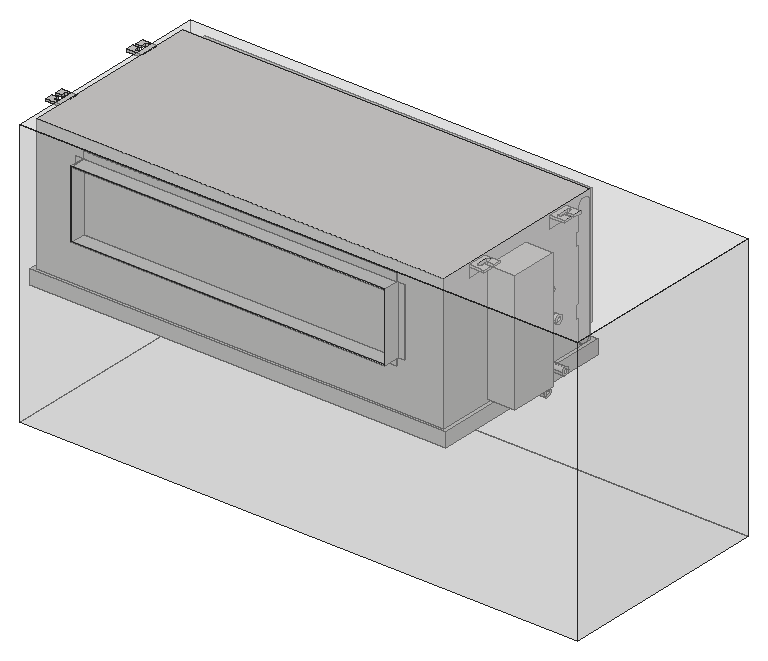
Revit family "outputfile", category 機械設備, Revit 2024
Family settings
  丸型コネクタ寸法 = 半径を使用
  パーツ タイプ = 標準
  OmniClass 番号 = 23.75.10.24.21.27.27
  OmniClass タイトル = Split System Air Conditioning Units
  作業面ベース = いいえ
  常に垂直 = はい
  ロード時にボイドで切り取り = いいえ
  注釈の向きを維持 = いいえ
  共有 = いいえ
  部屋計算ポイント = はい
Parameters (values of type "FDMRN100AXVL")
  Description = ""
  書き出し IFC クラス(タイプ) = "IfcUnitaryEquipmentType"
  定義済み IFC タイプ(タイプ) = "AIRCONDITIONINGUNIT"
  Cost = 0
  Type Comments = ""
  Keynote = ""
  Type Image = (empty or 0)
  Assembly Code = ""
  switch_unit1_50/60 = no
  switch_frequency = yes
  lw_mountinghole = 19.5 mm  # constant formula
  lw_Supply Duct = if(or(Width = 1115 mm, Width = 999 mm), 0 mm, 20.5 mm)  # 0 mm
  lh_controlbox = if(or(Width = 1115 mm, Width = 999 mm), 44.5 mm, 39 mm)  # 44.5 mm
  lh_Supply Duct = if(or(Width = 1115 mm, Width = 999 mm), 242.5 mm, 136.5 mm)  # 242.5 mm
  lh_Return Duct = if(or(Width = 1115 mm, Width = 999 mm), 202.5 mm, 136.5 mm)  # 202.5 mm
  ld_mountinghole = if(or(Width = 1115 mm, Width = 999 mm), 128.5 mm, 112.5 mm)  # 128.5 mm
  ld_controlbox = if(or(Width = 1115 mm, Width = 999 mm), 176 mm, 93 mm)  # 176 mm
  l_powersupply = h_controlbox / 2  # 152 mm
  l_liquidpipe = if(or(Width = 1115 mm, Width = 999 mm), 22 mm, 122 mm)  # 22 mm
  l_gaspipe = if(or(Width = 1115 mm, Width = 999 mm), 39 mm, 52 mm)  # 39 mm
  l_drainpipe = if(or(Width = 1115 mm, Width = 999 mm), 39 mm, 85 mm)  # 39 mm
  w_controlbox = if(or(Width = 1115 mm, Width = 999 mm), 71 mm, 72 mm)  # 71 mm
  l_Supply Duct = if(or(Width = 1115 mm, Width = 999 mm), 39 mm, 30 mm)  # 39 mm
  l_Return Duct = if(or(Width = 1115 mm, Width = 999 mm), 40 mm, 30 mm)  # 40 mm
  h_controlbox = if(or(Width = 1115 mm, Width = 999 mm), 304 mm, 185 mm)  # 304 mm
  d2 = if(or(Width = 1115 mm, Width = 999 mm), 240.5 mm, 175.5 mm)  # 240.5 mm
  connector_voltage = 230 V
  connector_powerinput = [Power Input (Cooling)]  # 4.000 kW
  connector_phase = 1
  d_controlbox = if(or(Width = 1115 mm, Width = 999 mm), 119.5 mm, 168 mm)  # 119.5 mm
  W2 = if(Width = 1115 mm, 1055 mm, if(Width = 999 mm, 939 mm, if(Width = 1200 mm, 1200 mm, 1065 mm)))  # 1055 mm
  W1 = if(Width = 1115 mm, 516.5 mm, if(Width = 999 mm, 458.5 mm, if(Width = 1200 mm, 589 mm, 521.5 mm)))  # 516.5 mm
  W = if(Width = 1115 mm, 527.5 mm, if(Width = 999 mm, 469.5 mm, if(Width = 1200 mm, 600 mm, 532.5 mm)))  # 527.5 mm
  Voltage_comment_60Hz = "220"
  Voltage_60Hz = 220 V
  URL = ""
  Supply Air Direction [instance] = yes
  製造元 = "Daikin"
  モデル = "FDMRN100AXVL"
  r_Liquid Pipe Size = Liquid Pipe Size / 2  # 4.75 mm
  r_Gas Pipe Size = Gas Pipe Size / 2  # 7.95 mm
  r_Drain Pipe Size = Drain Pipe Size / 2  # 9.5 mm
  lw_powersupply = if(or(Width = 1115 mm, Width = 999 mm), C - W1 + 40 mm, C - W1 + 39 mm)  # 556.5 mm
  lw_Return Duct = if(or(Width = 1115 mm, Width = 999 mm), 0 mm, 20.5 mm)  # 0 mm
  ld_powersupply = if(or(Width = 1115 mm, Width = 999 mm), 73 mm, 46.5 mm)  # 73 mm
  Sound Power Level_H speed (dB) = 0
  Phase_60Hz = 1
  Minimum External Static Pressure = 0.00 Pa
  Minimum Circuit Amps_60Hz = 0.0 A
  Maximum Fuse Amps_60Hz = 0.0 A
  Maximum External Static Pressure = 0.00 Pa
  Material_Casing = DAIKIN_GalvanizedSteel_Casing_indoorunit
  lw_liquidpipe = C - W1 + l_liquidpipe  # 538.5 mm
  lw_gaspipe = C - W1 + l_gaspipe  # 555.5 mm
  lw_mountinghole_pitch = if(Width = 1115 mm, 1072 mm, if(Width = 999 mm, 956 mm, if(Width = 1200 mm, 1176 mm, 1041 mm)))  # 1072 mm
  lw_drainpipe = C - W1 + l_drainpipe  # 555.5 mm
  lh_powersupply = lh_controlbox + h_controlbox / 2  # 196.5 mm
  lh_liquidpipe = if(or(Width = 1115 mm, Width = 999 mm), 220 mm, 87 mm)  # 220 mm
  lh_gaspipe = if(or(Width = 1115 mm, Width = 999 mm), 160 mm, 161 mm)  # 160 mm
  lh_mountinghole = if(or(Width = 1115 mm, Width = 999 mm), 376 mm, 261 mm)  # 376 mm
  lh_drainpipe = if(or(Width = 1115 mm, Width = 999 mm), 33 mm, 43.5 mm)  # 33 mm
  l_antena = Height + 1 mm - lh_mountinghole  # 3 mm
  ld_liquidpipe = if(or(Width = 1115 mm, Width = 999 mm), 85 mm, 121 mm)  # 85 mm
  ld_gaspipe = if(or(Width = 1115 mm, Width = 999 mm), 85 mm, 121 mm)  # 85 mm
  ld_mountinghole_pitch = if(or(Width = 1115 mm, Width = 999 mm), 256 mm, 225 mm)  # 256 mm
  ld_drainpipe = if(or(Width = 1115 mm, Width = 999 mm), 105 mm, 117.005 mm)  # 105 mm
  h*** = 0 mm  # constant formula
  Width = 1115 mm
  Version = "ver.1.0"
  Unit Type = "Duct"
  Unit Mass Weight = 44.00 kg
  Unit Designation [instance] = ""
  Uniclass2015Version = "Products v1.30"
  Uniclass2015Title = "Split coil room air conditioning units"
  Uniclass2015Code = "Pr_70_65_03_86"
  Total Cooling Capacity [instance] = 0.000 kW
  Sound Pressure Level_M speed (dBA) = 47
  Sound Pressure Level_L speed (dBA) = 43
  Sound Pressure Level_H speed (dBA) = 50
  Series = "SkyAir_Fan Coil Unit"
  Sensible Cooling Capacity [instance] = 0.000 kW
  SA Duct Size Width = 797 mm
  SA Duct Size Height = 173 mm
  Refrigerant Type = "R410A"
  RA Duct Size Width = 982 mm
  RA Duct Size Height = 306 mm
  Power Input (Cooling) = 4.000 kW
  Option Accessory 3 [instance] = ""
  Option Accessory 2 [instance] = ""
  Option Accessory 1 [instance] = ""
  Nominal Cooling Capacity = 10.550 kW
  Minimum Airflow = 1325.00 m³/h
  Median Airflow = 1665.00 m³/h
  Maximum Airflow = 2124.00 m³/h
  Load Classification = HVAC
  Liquid Pipe Size = 9.5 mm
  Link_Nested Family [instance] = ""
  Liquid Pipe_r1 = if(or(Width = 1115 mm, Width = 999 mm), 4.675 mm, 3.175 mm)  # 4.675 mm
  Liquid Pipe_r = if(or(Width = 1115 mm, Width = 999 mm), 6.5 mm, 5 mm)  # 6.5 mm
  J = if(or(Width = 1115 mm, Width = 999 mm), 462 mm, 351 mm)  # 462 mm
  IfcVersion = ""
  IfcExportType = "AIRCONDITIONINGUNIT"
  IfcExportAs = "IfcUnitaryEquipmentType"
  Height = 378 mm
  Heat Exchanger Type = "Cross Fin Coil"
  Gas Pipe Size = 15.9 mm
  Frequency_60Hz = 60 Hz
  Fan Type = "Sirocco Fan"
  Fan Drive = "-"
  FCU Tag No. [instance] = ""
  Drain Pipe Size = 19.0 mm
  Design Supply Airflow [instance] = 0.00 m³/h
  Design Return Airflow [instance] = 0.00 m³/h
  Design External Static Pressure [instance] = 0.00 Pa
  Depth = 541 mm
  既定の高さ = 0 mm
  d1 = if(or(Width = 1115 mm, Width = 999 mm), 231.5 mm, 175.5 mm)  # 231.5 mm
  D2 = if(or(Width = 1115 mm, Width = 999 mm), 484 mm, 351 mm)  # 484 mm
  Cooling Entering Wet Bulb Temperature [instance] = 0.00 °C
  Cooling Entering Dry Bulb Temperature [instance] = 0.00 °C
  Cooling Ambient Wet Bulb Temperature [instance] = 0.00 °C
  Cooling Ambient Dry Bulb Temperature [instance] = 0.00 °C
  Clearance visibility [instance] = yes
  Clearance Top = 0 mm
  Clearance Right = 300 mm
  Clearance Rear = 0 mm
  Clearance Left = 0 mm
  Clearance Front = 0 mm
  Clearance Bottom = 300 mm
  C = if(Width = 1115 mm, 1033 mm, if(Width = 999 mm, 917 mm, if(Width = 1200 mm, 1137 mm, 1002 mm)))  # 1033 mm
  A = if(or(Width = 1115 mm, Width = 999 mm), 36 mm, 31 mm)  # 36 mm
  switch_unit2_71/100 = not([switch_unit1_50/60])  # yes
Reference planes
  plane 1 "Center (Front/Back)": y = 0
  plane 2: z = 0
  plane 3 "Center (Left/Right)": x = 0
  plane 4 "Back": y = 270.5
  plane 5 "Front": y = -270.5
  plane 6 "Left": x = -527.5
  plane 7 "Right": x = 587.5
  plane 8 "Top": z = 0
  plane 9 "Bottom": z = -378
  plane 10 "lh_liquidpipe": z = -158
  plane 11 "lh_gaspipe": z = -218
  plane 12 "lw_mountinghole": x = -536
  plane 13 "lw_mountinghole3": x = 536
  plane 14 "lw_liquidpipe": x = 538.5
  plane 15 "lw_gaspipe": x = 555.5
  plane 16 "lh_mountinghole": z = -2
  plane 17 "Clearance Left": x = -527.5
  plane 18 "Clearance Right": x = 887.5
  plane 19 "Clearance Rear": y = 270.5
  plane 20 "Clearance Front": y = -270.5
  plane 21 "Clearance Bottom": z = -678
  plane 22 "lh_drainpipe": z = -345
  plane 23 "ld_gaspipe": y = 85
  plane 24 "ld_liquidpipe": y = 85
  plane 25 "ld_drainpipe": y = 105
  plane 26 "lw_drainpipe": x = 555.5
  plane 27 "ld_mountinghole1": y = 127.5
  plane 28 "ld_mountinghole": y = -128.5
  plane 29 "Clearance Top": z = 0
  plane 30 "lh_powersupply": z = -181.5
  plane 31 "ld_powersupply": y = -73
  plane 32 "箱_L": x = -516.5
  plane 33 "箱_R": x = 516.5
  plane 34 "箱_F": y = -231.5
  plane 35 "箱_後": y = 230.5
  plane 36 "A": z = -342
  plane 37: x = 527.5
  plane 38: y = -240.5
  plane 39: y = 243.5
  plane 40: y = 25
  plane 41: y = -94.5
  plane 42 "lh_box": z = -333.5
  plane 43 "lh_box1": z = -29.5
  plane 44 "l-box": x = 587.5
  plane 45 "lw_Supply Duct": x = 0
  plane 46 "lw_Return Duct": x = 0
  plane 47 "lh_Supply Duct": z = -135.5
  plane 48 "lh_Return Duct": z = -175.5
  plane 49 "lw_powersupply": x = 556.5
Forms (mm)
  Extrusion 1, solid, material "DAIKIN_GalvanizedSteel_Casing_indoorunit" <- "Material_Casing"
    sketch origin (0, 0, -342) x (-1, 0, 0) y (0, -1, 0)
      loop
        line (516.5, -230.5) -> (516.5, 231.5) -> (-516.5, 231.5) -> (-516.5, -230.5) -> (516.5, -230.5)
    from 0 to 342
  Extrusion 2, solid, material "DAIKIN_GalvanizedSteel_Casing_indoorunit" <- "Material_Casing"
    sketch origin (0, 0, -378) x (-1, 0, 0) y (0, -1, 0)
      loop
        line (527.5, -243.5) -> (527.5, 240.5) -> (-527.5, 240.5) -> (-527.5, -243.5) -> (527.5, -243.5)
    from 0 to 36
  Extrusion 3, solid, material "DAIKIN_GalvanizedSteel_Casing_indoorunit" <- "Material_Casing"
    sketch origin (0, 0, -333.5) x (-1, 0, 0) y (0, -1, 0)
      loop
        line (-516.5, -25) -> (-516.5, 94.5) -> (-587.5, 94.5) -> (-587.5, -25) -> (-516.5, -25)
    from 0 to 304
  Extrusion 4, solid, material "DAIKIN_GalvanizedSteel_Casing_indoorunit"
    sketch origin (516.5, 1296.25, 1200) x (0, 1, 0) y (0, 0, 1)
      loop
        circle (-1191.25, -1545) r 9.5
      loop
        circle (-1191.25, -1545) r 6.5
    from 0 to 39 <- "l_drainpipe"
  Extrusion 5, solid, material "DAIKIN_GalvanizedSteel_Casing_indoorunit" <- "Material_Casing"
    sketch origin (516.5, 1296.25, 1200) x (0, 1, 0) y (0, 0, 1)
      loop
        circle (-1211.25, -1418) r 9.95
      loop
        circle (-1211.25, -1418) r 6.35
    from 0 to 39 <- "l_gaspipe"
  Extrusion 6, solid, material "DAIKIN_GalvanizedSteel_Casing_indoorunit" <- "Material_Casing"
    sketch origin (516.5, 1296.25, 1200) x (0, 1, 0) y (0, 0, 1)
      loop
        circle (-1211.25, -1358) r 6.5
      loop
        circle (-1211.25, -1358) r 4.675
    from 0 to 22 <- "l_liquidpipe"
  Extrusion 7, solid, material "DAIKIN_GalvanizedSteel_Casing_indoorunit" <- "Material_Casing", visible <- "switch_unit2_71/100"
    sketch origin (516.5, 1296.25, 1200) x (0, 1, 0) y (0, 0, 1)
      loop
        arc (-1231.25, -1418) -> (-1211.25, -1438) -> (-1191.25, -1418) r 20
        line (-1191.25, -1418) -> (-1191.25, -1358)
        arc (-1191.25, -1358) -> (-1211.25, -1338) -> (-1231.25, -1358) r 20
        line (-1231.25, -1358) -> (-1231.25, -1418)
    from 0 to 0.8
  Extrusion 8, solid, material "DAIKIN_GalvanizedSteel_Casing_indoorunit" <- "Material_Casing", visible <- "switch_unit1_50/60"
    sketch origin (516.5, 1296.25, 1200) x (0, 1, 0) y (0, 0, 1)
      loop
        line (-1158.75, -1356) -> (-1168.75, -1366) -> (-1168.75, -1547) -> (-1133.75, -1547) -> (-1133.75, -1534.5)
        arc (-1133.75, -1534.5) -> (-1124.25, -1525) -> (-1114.75, -1534.5) r 9.5
        line (-1114.75, -1534.5) -> (-1114.75, -1547) -> (-1073.75, -1547) -> (-1073.75, -1366) -> (-1083.75, -1356) -> (-1158.75, -1356)
    from 0 to 7
  Extrusion 9, solid, material "DAIKIN_GalvanizedSteel_Casing_indoorunit" <- "Material_Casing", visible <- "switch_unit2_71/100"
    sketch origin (516.5, 1296.25, 1200) x (0, 1, 0) y (0, 0, 1)
      loop
        arc (-1089.75, -1211.5) -> (-1096.822, -1214.429) -> (-1099.75, -1221.5) r 10
        line (-1099.75, -1221.5) -> (-1099.75, -1281.5) -> (-1106.75, -1281.5) -> (-1106.75, -1311.5) -> (-1099.75, -1311.5) -> (-1099.75, -1446.5) -> (-1106.75, -1446.5) -> (-1106.75, -1476.5) -> (-1099.75, -1476.5) -> (-1099.75, -1530.5)
        arc (-1099.75, -1530.5) -> (-1096.822, -1537.571) -> (-1089.75, -1540.5) r 10
        line (-1089.75, -1540.5) -> (-1079.75, -1540.5)
        arc (-1079.75, -1540.5) -> (-1072.679, -1537.571) -> (-1069.75, -1530.5) r 10
        line (-1069.75, -1530.5) -> (-1069.75, -1221.5)
        arc (-1069.75, -1221.5) -> (-1072.679, -1214.429) -> (-1079.75, -1211.5) r 10
        line (-1079.75, -1211.5) -> (-1089.75, -1211.5)
    from 0 to 0.8
  Extrusion 10, solid, material "DAIKIN_GalvanizedSteel_Casing_indoorunit" <- "Material_Casing", visible <- "switch_unit1_50/60"
    sketch origin (527.5, 243.5, -378) x (0, -1, 0) y (0, 0, -1)
      loop
        circle (127.496, -11) r 9.5
      loop
        circle (127.496, -11) r 6.5
    from 0 to 37
  Extrusion 11, solid, material "DAIKIN_GalvanizedSteel_Casing_indoorunit" <- "Material_Casing", visible <- "switch_unit2_71/100"
    sketch origin (527.5, 243.5, -378) x (0, -1, 0) y (0, 0, -1)
      loop
        circle (198.5, -11) r 9.5
      loop
        circle (198.5, -11) r 6.5
    from 0 to 31
Dimensions and locks
  "Height": plane 8 "Top" to plane 9 "Bottom"
  "lw_mountinghole_pitch": plane 12 "lw_mountinghole" to plane 13 "lw_mountinghole3"
  "lh_liquidpipe": plane 10 "lh_liquidpipe" to plane 9 "Bottom"
  "lh_gaspipe": plane 11 "lh_gaspipe" to plane 9 "Bottom"
  "lh_mountinghole": plane 16 "lh_mountinghole" to plane 9 "Bottom"
  "Width": plane 6 "Left" to plane 7 "Right"
  "Clearance Right": plane 7 "Right" to plane 18 "Clearance Right"
  "Clearance Left": plane 17 "Clearance Left" to plane 6 "Left"
  "Clearance Rear": plane 19 "Clearance Rear" to plane 4 "Back"
  "Clearance Front": plane 5 "Front" to plane 20 "Clearance Front"
  "Depth": plane 4 "Back" to plane 5 "Front"
  equal spacing: plane 4 "Back", plane 1 "Center (Front/Back)", plane 5 "Front"
  "ld_mountinghole_pitch": plane 27 "ld_mountinghole1" to plane 28 "ld_mountinghole"
  "lw_liquidpipe": plane 3 "Center (Left/Right)" to plane 14 "lw_liquidpipe"
  "lw_gaspipe": plane 3 "Center (Left/Right)" to plane 15 "lw_gaspipe"
  "lw_drainpipe": plane 3 "Center (Left/Right)" to plane 26 "lw_drainpipe"
  "lh_drainpipe": plane 22 "lh_drainpipe" to plane 9 "Bottom"
  "Clearance Top": plane 29 "Clearance Top" to plane 8 "Top"
  "Clearance Bottom": plane 9 "Bottom" to plane 21 "Clearance Bottom"
  "lh_powersupply": plane 30 "lh_powersupply" to plane 9 "Bottom"
  "lw_mountinghole": plane 12 "lw_mountinghole" to plane 32 "箱_L"
  "W": plane 6 "Left" to plane 3 "Center (Left/Right)"
  "W1": plane 32 "箱_L" to plane 3 "Center (Left/Right)"
  "C": plane 32 "箱_L" to plane 33 "箱_R"
  "d1": plane 34 "箱_F" to plane 1 "Center (Front/Back)"
  "J": plane 35 "箱_後" to plane 34 "箱_F"
  "A": plane 36 "A" to plane 9 "Bottom"
  "D2": plane 39 to plane 38
  "W2": plane 6 "Left" to plane 37
  "d2": plane 1 "Center (Front/Back)" to plane 38
  "d_controlbox": plane 40 to plane 41
  "ld_controlbox": plane 41 to plane 5 "Front"
  "h_controlbox": plane 43 "lh_box1" to plane 42 "lh_box"
  "lh_controlbox": plane 42 "lh_box" to plane 9 "Bottom"
  "ld_drainpipe": plane 25 "ld_drainpipe" to plane 1 "Center (Front/Back)"
  "ld_gaspipe": plane 23 "ld_gaspipe" to plane 1 "Center (Front/Back)"
  "ld_liquidpipe": plane 1 "Center (Front/Back)" to plane 24 "ld_liquidpipe"
  plane 1 "Center (Front/Back)" to Extrusion 7 sketch curve to Extrusion 7 sketch curve = 65 mm locked, 40 mm locked
  Extrusion 7 sketch curve to Extrusion 7 sketch curve to plane 9 "Bottom" = 60 mm locked, 160 mm locked
  locked: Extrusion 8 sketch curve to plane 35 "箱_後" at 8
  locked: Extrusion 8 sketch curve to Extrusion 8 sketch curve at 95
  locked: Extrusion 8 sketch curve to Extrusion 8 sketch curve at 191
  locked: Extrusion 8 sketch curve to Extrusion 8 sketch curve at 10  (x4)
  locked: Extrusion 8 sketch curve to Extrusion 8 sketch curve at 19
  locked: Extrusion 8 sketch curve to plane 9 "Bottom" at 31
  locked: Extrusion 8 sketch curve to plane 9 "Bottom" at 43.5
  locked: Extrusion 8 sketch curve to Extrusion 8 sketch curve at 50.5
  locked: Extrusion 9 sketch curve to Extrusion 9 sketch curve at 30  (x2)
  locked: Extrusion 9 sketch curve to Extrusion 9 sketch curve at 64
  locked: Extrusion 9 sketch curve to Extrusion 9 sketch curve at 70
  locked: Extrusion 9 sketch curve to Extrusion 9 sketch curve at 329
  Extrusion 9 sketch curve to Extrusion 9 sketch curve to Extrusion 9 sketch curve = 7 mm locked, 30 mm locked
  locked: Extrusion 9 sketch curve to plane 35 "箱_後" at 4
  locked: Extrusion 9 sketch curve to plane 9 "Bottom" at 37.5
  "w_controlbox": plane 33 "箱_R" to plane 44 "l-box"
  "h***": plane 8 "Top" to plane 2
  "ld_mountinghole": plane 28 "ld_mountinghole" to plane 1 "Center (Front/Back)"
  "lw_Supply Duct": plane 46 "lw_Return Duct" to plane 3 "Center (Left/Right)"
  "lw_Return Duct": plane 45 "lw_Supply Duct" to plane 3 "Center (Left/Right)"
  "lh_Supply Duct": plane 47 "lh_Supply Duct" to plane 9 "Bottom"
  "lh_Return Duct": plane 48 "lh_Return Duct" to plane 9 "Bottom"
  "ld_powersupply": plane 1 "Center (Front/Back)" to plane 31 "ld_powersupply"
  locked: Extrusion 10 sketch curve to plane 9 "Bottom" at 11  (x2)
  locked: plane 1 "Center (Front/Back)" to Extrusion 10 sketch curve at 116.004  (x2)
  locked: plane 1 "Center (Front/Back)" to Extrusion 11 sketch curve at 45  (x2)
  locked: Extrusion 11 sketch curve to plane 9 "Bottom" at 11  (x2)
  "lw_powersupply": plane 3 "Center (Left/Right)" to plane 49 "lw_powersupply"
  "Liquid Pipe_r": radius of Extrusion 6 sketch curve
  "Liquid Pipe_r1": radius of Extrusion 6 sketch curve
  radius of Extrusion 9 sketch curve = 10 mm  (x4)
  aligned and locked: level to plane 2
  aligned and locked: plane 19 "Clearance Rear" to nested 1
  aligned and locked: plane 18 "Clearance Right" to nested 1
  aligned and locked: plane 17 "Clearance Left" to nested 1
  aligned and locked: nested 1 to plane 20 "Clearance Front"
  aligned and locked: plane 29 "Clearance Top" to nested 1
  aligned and locked: nested 1 to plane 21 "Clearance Bottom"
  aligned and locked: plane 32 "箱_L" to Extrusion 1 sketch curve
  aligned and locked: Extrusion 1 sketch curve to plane 33 "箱_R"
  aligned and locked: plane 34 "箱_F" to Extrusion 1 sketch curve
  aligned and locked: Extrusion 1 sketch curve to plane 35 "箱_後"
  aligned and locked: Extrusion 1 to plane 36 "A"
  aligned and locked: plane 8 "Top" to Extrusion 1
  aligned and locked: plane 6 "Left" to Extrusion 2 sketch curve
  aligned and locked: Extrusion 2 sketch curve to plane 37
  aligned and locked: Extrusion 2 sketch curve to plane 39
  aligned and locked: plane 38 to Extrusion 2 sketch curve
  aligned and locked: Extrusion 2 to plane 9 "Bottom"
  aligned and locked: plane 36 "A" to Extrusion 2
  aligned and locked: plane 12 "lw_mountinghole" to nested 3
  aligned and locked: plane 12 "lw_mountinghole" to nested 2
  aligned and locked: nested 4 to plane 13 "lw_mountinghole3"
  aligned and locked: nested 5 to plane 13 "lw_mountinghole3"
  aligned and locked: plane 27 "ld_mountinghole1" to nested 5
  aligned and locked: nested 2 to plane 27 "ld_mountinghole1"
  aligned and locked: plane 28 "ld_mountinghole" to nested 4
  aligned and locked: nested 3 to plane 28 "ld_mountinghole"
  aligned and locked: plane 33 "箱_R" to Extrusion 3 sketch curve
  aligned and locked: plane 41 to Extrusion 3 sketch curve
  aligned and locked: Extrusion 3 sketch curve to plane 40
  aligned and locked: Extrusion 3 to plane 42 "lh_box"
  aligned and locked: plane 43 "lh_box1" to Extrusion 3
  aligned and locked: plane 16 "lh_mountinghole" to nested 4
  aligned and locked: plane 16 "lh_mountinghole" to nested 5
  aligned and locked: plane 16 "lh_mountinghole" to nested 3
  aligned and locked: plane 16 "lh_mountinghole" to nested 2
  aligned and locked: plane 22 "lh_drainpipe" to Extrusion 4 sketch curve  (x2)
  aligned and locked: Extrusion 4 sketch curve to plane 25 "ld_drainpipe"  (x2)
  aligned and locked: Extrusion 5 sketch curve to plane 11 "lh_gaspipe"  (x2)
  aligned and locked: Extrusion 5 sketch curve to plane 23 "ld_gaspipe"  (x2)
  aligned and locked: Extrusion 5 to plane 33 "箱_R"
  aligned and locked: Extrusion 6 sketch curve to plane 10 "lh_liquidpipe"  (x2)
  aligned and locked: Extrusion 6 sketch curve to plane 24 "ld_liquidpipe"  (x2)
  aligned and locked: Extrusion 8 sketch curve to Extrusion 8 sketch curve
  aligned and locked: plane 3 "Center (Left/Right)" to nested 6
  aligned and locked: nested 6 to plane 34 "箱_F"
  aligned and locked: plane 9 "Bottom" to nested 6
  aligned and locked: plane 3 "Center (Left/Right)" to nested 7
  aligned and locked: nested 7 to plane 35 "箱_後"
  aligned and locked: plane 9 "Bottom" to nested 7
  aligned and locked: Extrusion 9 sketch curve to Extrusion 9 sketch curve  (x3)
  aligned and locked: Extrusion 3 sketch curve to plane 44 "l-box"
  aligned and locked: nested 8 to plane 34 "箱_F"
  aligned and locked: plane 45 "lw_Supply Duct" to nested 8
  aligned and locked: plane 47 "lh_Supply Duct" to nested 8
  aligned and locked: plane 35 "箱_後" to nested 9
  aligned and locked: nested 9 to plane 46 "lw_Return Duct"
  aligned and locked: plane 24 "ld_liquidpipe" to nested 10
  aligned and locked: plane 3 "Center (Left/Right)" to nested 10
  aligned and locked: plane 3 "Center (Left/Right)" to nested 11
  aligned and locked: plane 23 "ld_gaspipe" to nested 11
  aligned and locked: plane 3 "Center (Left/Right)" to nested 12
  aligned and locked: plane 25 "ld_drainpipe" to nested 12
  aligned and locked: nested 13 to plane 28 "ld_mountinghole"
  aligned and locked: nested 14 to plane 28 "ld_mountinghole"
  aligned and locked: nested 16 to plane 27 "ld_mountinghole1"
  aligned and locked: nested 15 to plane 27 "ld_mountinghole1"
  aligned and locked: plane 12 "lw_mountinghole" to nested 13
  aligned and locked: plane 12 "lw_mountinghole" to nested 15
  aligned and locked: plane 13 "lw_mountinghole3" to nested 14
  aligned and locked: plane 13 "lw_mountinghole3" to nested 16
  aligned and locked: plane 3 "Center (Left/Right)" to nested 17
  aligned and locked: nested 18 to plane 31 "ld_powersupply"
  aligned and locked: plane 49 "lw_powersupply" to nested 18
Automatic sketch dimensions
  radius of Extrusion 5 sketch curve = 9.95 mm
  radius of Extrusion 5 sketch curve = 6.35 mm
  radius of Extrusion 4 sketch curve = 9.5 mm
  radius of Extrusion 4 sketch curve = 6.5 mm
  radius of Extrusion 10 sketch curve = 9.5 mm
  radius of Extrusion 10 sketch curve = 6.5 mm
  radius of Extrusion 11 sketch curve = 9.5 mm
  radius of Extrusion 11 sketch curve = 6.5 mm
Nested families
  nested 1: "daikin_clearancespace" at (180, 0, -338.881), visible <- "Clearance visibility", show <- "Clearance visibility", Link_Nested Family <- "Link_Nested Family", type "daikin_clearancespace"
    with width 1415 mm, show yes, height 678 mm, depth 541 mm, Link_Nested Family ""
  nested 2: "daikin_hangerfixture_FDMRN-AXVL" at (-536, 127.5, -2), type "daikin_hangerfixture_FDMRN-AXVL"
    with width 1115 mm
  nested 3: "daikin_hangerfixture_FDMRN-AXVL" at (-536, -128.5, -2), type "daikin_hangerfixture_FDMRN-AXVL"
    with width 1115 mm
  nested 4: "daikin_hangerfixture_FDMRN-AXVL" at (536, -128.5, -2) x (-1, 0, 0) z (0, 0, 1), type "daikin_hangerfixture_FDMRN-AXVL"
    with width 1115 mm
  nested 5: "daikin_hangerfixture_FDMRN-AXVL" at (536, 127.5, -2) x (-1, 0, 0) z (0, 0, 1), type "daikin_hangerfixture_FDMRN-AXVL"
    with width 1115 mm
  nested 6: "daikin_Supply Ductflange_FDMRN-AXVL" at (0, -231.5, -567.401), material <- "Material_Casing", type "daikin_Supply Ductflange_FDMRN-AXVL"
    with material DAIKIN_GalvanizedSteel_Casing_indoorunit, W1 516.5 mm, C 1033 mm, 71/100 yes, 50/60 no
  nested 7: "daikin_Return Ductflange_FDMRN-AXVL" at (0, 230.5, -567.401), material <- "Material_Casing", type "daikin_Return Ductflange_FDMRN-AXVL"
    with material DAIKIN_GalvanizedSteel_Casing_indoorunit, W1 516.5 mm, C 1033 mm, 71/100 yes, 50/60 no
  nested 8: "daikin_connector_rotate2" at (0, -231.5, -135.5), length <- "l_Supply Duct", type "daikin_connector_rotate2"
    with radius 10 mm, length 39 mm, angle_vertical 90.00°, show_face no
  nested 9: "daikin_connector_rotate2" at (0, 230.5, -175.5) x (-1, 0, 0) z (0, 0, 1), length <- "l_Return Duct", type "daikin_connector_rotate2"
    with radius 10 mm, length 40 mm, angle_vertical 90.00°, show_face no
  nested 10: "daikin_connector_rotate2" at (0, 85, -158) x (0, 1, 0) z (0, 0, 1), radius <- "r_Liquid Pipe Size", length <- "lw_liquidpipe", type "daikin_connector_rotate2"
    with radius 4.75 mm, length 538.5 mm, angle_vertical 90.00°, show_face no
  nested 11: "daikin_connector_rotate2" at (0, 85, -218) x (0, 1, 0) z (0, 0, 1), length <- "lw_gaspipe", radius <- "r_Gas Pipe Size", type "daikin_connector_rotate2"
    with radius 7.95 mm, length 555.5 mm, angle_vertical 90.00°, show_face no
  nested 12: "daikin_connector_rotate2" at (0, 105, -345) x (0, 1, 0) z (0, 0, 1), length <- "lw_drainpipe", radius <- "r_Drain Pipe Size", type "daikin_connector_rotate2"
    with radius 9.5 mm, length 555.5 mm, angle_vertical 90.00°, show_face no
  nested 13: "daikin_mountinghole" at (-536, -128.5, -378), Link_Nested Family <- "Link_Nested Family", h_mountinghole <- "lh_mountinghole", l_antenna <- "l_antena", type "daikin_mountinghole"
    with show yes, l_antenna 3 mm, h_mountinghole 376 mm, Link_Nested Family ""
  nested 14: "daikin_mountinghole" at (536, -128.5, -378), Link_Nested Family <- "Link_Nested Family", h_mountinghole <- "lh_mountinghole", l_antenna <- "l_antena", type "daikin_mountinghole"
    with show yes, l_antenna 3 mm, h_mountinghole 376 mm, Link_Nested Family ""
  nested 15: "daikin_mountinghole" at (-536, 127.5, -378), Link_Nested Family <- "Link_Nested Family", h_mountinghole <- "lh_mountinghole", l_antenna <- "l_antena", type "daikin_mountinghole"
    with show yes, l_antenna 3 mm, h_mountinghole 376 mm, Link_Nested Family ""
  nested 16: "daikin_mountinghole" at (536, 127.5, -378), Link_Nested Family <- "Link_Nested Family", h_mountinghole <- "lh_mountinghole", l_antenna <- "l_antena", type "daikin_mountinghole"
    with show yes, l_antenna 3 mm, h_mountinghole 376 mm, Link_Nested Family ""
  nested 17: "daikin_△_symbolicline" at (0, 0, 378) x (-1, 0, 0) z (0, 0, 1), built-in parameter 1001364 <- "Height", visible <- "Supply Air Direction", type "daikin_△_symbolicline"
    with length 150 mm
  nested 18: "daikin_connector_rotate2" at (556.5, -73, -181.5), length <- "l_powersupply", type "daikin_connector_rotate2"
    with radius 10 mm, length 152 mm, angle_vertical 180.00°, show_face no
Connectors
  hvac at (0, -270.5, -135.5), driven by "SA Duct Size Height", driven by "SA Duct Size Width"
    settings: on nested 8, index 1, duct flow 0.00 m³/h, flow factor 0, pres drop 0.00 Pa, loss coef 0, conn angle 0.00°, conn width 797.0 mm, conn height 173.0 mm, conn diameter 609.6 mm, duct sys type 1, conn prof type 1, flow config 0, flow direction 2, loss method 4, conn ref index -1, conn util no, is conn primary yes, conn desc "SA Duct"
  hvac at (0, 270.5, -175.5), driven by "RA Duct Size Height", driven by "RA Duct Size Width"
    settings: on nested 9, index 2, duct flow 0.00 m³/h, flow factor 0, pres drop 0.00 Pa, loss coef 0, conn angle 0.00°, conn width 982.0 mm, conn height 306.0 mm, conn diameter 609.6 mm, duct sys type 2, conn prof type 1, flow config 0, flow direction 1, loss method 4, conn ref index -1, conn util no, is conn primary no, conn desc "RA Duct"
  piping at (538.5, 85, -158), diameter 9.5, driven by "r_Liquid Pipe Size"
    settings: on Extrusion 6, index 3, connector inside diameter 609.6 mm, connector length 0 mm, flow factor 0, pipe flow 0.00 m³/h, pressure drop 0.0 Pa, fitting loss kfactor 0, connector angle 0.00°, fixture units 0, engagement length 0 mm, angle of deflection 0.00°, flow configuration 1, flow direction 1, fitting loss method 0, system type 29, joint type 0, gender type 0, connector reference index -1, connector utility 0, adjustable connector no, is connector primary yes, connector description "Refrigerant Liquid Piping"
  piping at (555.5, 85, -218), diameter 15.9, driven by "r_Gas Pipe Size"
    settings: on nested 11, index 4, connector inside diameter 609.6 mm, connector length 0 mm, flow factor 0, pipe flow 0.00 m³/h, pressure drop 0.0 Pa, fitting loss kfactor 0, connector angle 0.00°, fixture units 0, engagement length 0 mm, angle of deflection 0.00°, flow configuration 1, flow direction 2, fitting loss method 0, system type 29, joint type 0, gender type 0, connector reference index -1, connector utility 0, adjustable connector no, is connector primary no, connector description "Refrigerant Gas Piping"
  piping at (555.5, 105, -345), diameter 19, driven by "r_Drain Pipe Size"
    settings: on nested 12, index 5, connector inside diameter 609.6 mm, connector length 0 mm, flow factor 0, pipe flow 0.00 m³/h, pressure drop 0.0 Pa, fitting loss kfactor 0, connector angle 0.00°, fixture units 0, engagement length 0 mm, angle of deflection 0.00°, flow configuration 1, flow direction 2, fitting loss method 4, system type 16, joint type 0, gender type 0, connector reference index -1, connector utility 0, adjustable connector no, is connector primary no, connector description "Condensate Drain Piping"
  electrical at (556.5, -73, -29.5), driven by "connector_phase", driven by "Load Classification", driven by "connector_voltage", driven by "connector_powerinput"
    settings: on nested 18, index 9, voltage 230 V, apparent load 4000 VA, apparent load phase1 0 VA, apparent load phase2 0 VA, apparent load phase3 0 VA, power factor 1, load classification "HVAC", number of poles 1, system type 30, power factor state 1, is connector primary yes, connector utility no, sub classification motor no, connector description "Power Supply"
Definition of nested family "daikin_clearancespace"
  Parameters (values of type "daikin_clearancespace")
    Description = "daikin_clearancespace"
    width [instance] = 1823.963 mm
    show [instance] = yes
    material = none
    height [instance] = 1359.762 mm
    depth [instance] = 880 mm
    Default Elevation = 0 mm
    Link_Nested Family [instance] = ""
  Reference planes
    plane 1 "Center (Front/Back)": y = 0
    plane 2 "Center (Elevation)": z = -0.119
    plane 3 "Center (Left/Right)": x = 0
    plane 4: y = 440
    plane 5: y = -440
    plane 6 "Right": x = 911.982
    plane 7 "Left": x = -911.982
    plane 8 "Top": z = 679.762
    plane 9 "Bottom": z = -680
  Forms (mm)
    Extrusion 1, solid, material <- "material", visible <- "show"
      sketch origin (0, 0, 0) x (1, 0, 0) y (0, 1, 0)
        loop
          line (-911.982, 440) -> (-911.982, -440) -> (911.982, -440) -> (911.982, 440) -> (-911.982, 440)
      from -680 to 679.762
  Lines and regions (mm)
    symbolic lines, visible <- "show"
      curve 1: line (911.982, 440, 0) -> (-911.982, 440, 0)
      curve 2: line (-911.982, 440, 0) -> (-911.982, -440, 0)
      curve 3: line (-911.982, -440, 0) -> (911.982, -440, 0)
      curve 4: line (911.982, -440, 0) -> (911.982, 440, 0)
      curve 5: line (911.982, 0, 679.762) -> (-911.982, 0, 679.762)
      curve 6: line (911.982, 0, -680) -> (911.982, 0, 679.762)
      curve 7: line (-911.982, 0, -680) -> (911.982, 0, -680)
      curve 8: line (-911.982, 0, 679.762) -> (-911.982, 0, -680)
      curve 9: line (0, 440, 679.762) -> (0, -440, 679.762)
      curve 10: line (0, -440, 679.762) -> (0, -440, -680)
      curve 11: line (0, 440, -680) -> (0, 440, 679.762)
      curve 12: line (0, -440, -680) -> (0, 440, -680)
  Dimensions and locks
    "width": plane 7 "Left" to plane 6 "Right"
    "depth": plane 4 to plane 5
    "height": plane 8 "Top" to plane 9 "Bottom"
    equal spacing: plane 7 "Left", plane 3 "Center (Left/Right)", plane 6 "Right"
    equal spacing: plane 4, plane 1 "Center (Front/Back)", plane 5
    equal spacing: plane 8 "Top", plane 2 "Center (Elevation)", plane 9 "Bottom"
    aligned and locked: level to plane 2 "Center (Elevation)"
    aligned and locked: Extrusion 1 sketch curve to plane 4
    aligned and locked: plane 7 "Left" to Extrusion 1 sketch curve
    aligned and locked: Extrusion 1 sketch curve to plane 5
    aligned and locked: Extrusion 1 sketch curve to plane 6 "Right"
    aligned and locked: plane 8 "Top" to Extrusion 1
    aligned and locked: curve 1 to Extrusion 1
    aligned and locked: curve 2 to Extrusion 1
    aligned and locked: curve 3 to Extrusion 1
    aligned and locked: curve 4 to Extrusion 1
    aligned and locked: curve 5 to Extrusion 1
    aligned and locked: curve 6 to Extrusion 1
    aligned and locked: curve 7 to Extrusion 1
    aligned and locked: curve 8 to Extrusion 1
    aligned and locked: curve 9 to Extrusion 1
    aligned and locked: curve 10 to Extrusion 1
    aligned and locked: curve 11 to Extrusion 1
    aligned and locked: curve 12 to Extrusion 1
    aligned and locked: Extrusion 1 to plane 9 "Bottom"
Definition of nested family "daikin_hangerfixture_FDMRN-AXVL"
  Parameters (values of type "daikin_hangerfixture_FDMFC-AV1M")
    width = 1065 mm
    material = none
    height = 65 mm
    depth = 700 mm
    Default Elevation = 0 mm
  Reference planes
    plane 1 "Center (Front/Back)": y = 0
    plane 2: z = 0
    plane 3 "Center (Left/Right)": x = 0
  Forms (mm)
    Extrusion 1, solid, material <- "material"
      sketch origin (0, 0, 0) x (1, 0, 0) y (0, 0, 1)
        loop
          line (-20, 0) -> (-20, -5) -> (17, -5) -> (17, -30) -> (19.5, -30) -> (19.5, 0) -> (-20, 0)
      from -25 to 25
    Extrusion 2, void
      sketch origin (0, 0, 0) x (1, 0, 0) y (0, 1, 0)
        loop
          line (-5, 5) -> (-20, 5) -> (-20, -5) -> (-5, -5) -> (-5, -13)
          arc (-5, -13) -> (0, -18) -> (5, -13) r 5
          line (5, -13) -> (5, 13)
          arc (5, 13) -> (0, 18) -> (-5, 13) r 5
          line (-5, 13) -> (-5, 5)
      from 0 to -5
  Cuts and joins
    Extrusion 2 cuts Extrusion 1
  Dimensions and locks
    locked: Extrusion 1 sketch curve to Extrusion 1 sketch curve at 5
    locked: Extrusion 1 sketch curve to Extrusion 1 sketch curve at 2.5
    locked: Extrusion 1 sketch curve to Extrusion 1 sketch curve at 30
    locked: Extrusion 1 sketch curve to Extrusion 1 sketch curve at 39.5
    Extrusion 1 sketch curve to plane 3 "Center (Left/Right)" = 17 mm
    locked: Extrusion 1 sketch curve to plane 3 "Center (Left/Right)" at 19.5
    Extrusion 2 sketch curve to plane 1 "Center (Front/Back)" to Extrusion 2 sketch curve = 13 mm locked, 13 mm locked
    equal spacing: Extrusion 2 sketch curve, plane 3 "Center (Left/Right)", Extrusion 2 sketch curve
    locked: Extrusion 2 sketch curve to Extrusion 2 sketch curve at 10  (x2)
    equal spacing: Extrusion 2 sketch curve, plane 1 "Center (Front/Back)", Extrusion 2 sketch curve
    aligned and locked: level to plane 2
    aligned and locked: Extrusion 1 sketch curve to plane 2
    aligned and locked: plane 3 "Center (Left/Right)" to Extrusion 2 sketch curve  (x2)
    aligned and locked: Extrusion 1 to Extrusion 2 sketch curve
Definition of nested family "daikin_Supply Ductflange_FDMRN-AXVL"
  Parameters (values of type "daikin_ductflange_FDMRN-AXVL")
    material [instance] = none
    Default Elevation = 0 mm
    W1 = 521.5 mm
    C = 1002 mm
    71/100 = no
    50/60 = yes
  Reference planes
    plane 1 "Center (Front/Back)": y = 0
    plane 2: z = 189.401
    plane 3 "Center (Left/Right)": x = 0
    plane 4: x = -521.5
    plane 5: x = 480.5
  Forms (mm)
    Extrusion 1, solid, material <- "material", visible <- "71/100"
      sketch origin (0, 0, 0) x (1, 0, 0) y (0, 0, 1)
        loop
          line (-398.5, 518.401) -> (-398.5, 345.401) -> (398.5, 345.401) -> (398.5, 518.401) -> (-398.5, 518.401)
        loop
          line (-397.5, 346.401) -> (397.5, 346.401) -> (397.5, 517.401) -> (-397.5, 517.401) -> (-397.5, 346.401)
      from 0 to 39
    Extrusion 2, solid, material <- "material", visible <- "71/100"
      sketch origin (0, 0, 0) x (1, 0, 0) y (0, 0, 1)
        loop
          line (-397.5, 537.401) -> (-397.5, 518.401) -> (397.5, 518.401) -> (397.5, 537.401) -> (-397.5, 537.401)
        loop
          line (398.5, 517.401) -> (398.5, 346.401) -> (417.5, 346.401) -> (417.5, 517.401) -> (398.5, 517.401)
        loop
          line (-397.5, 345.401) -> (-397.5, 326.401) -> (397.5, 326.401) -> (397.5, 345.401) -> (-397.5, 345.401)
        loop
          line (-417.5, 517.401) -> (-417.5, 346.401) -> (-398.5, 346.401) -> (-398.5, 517.401) -> (-417.5, 517.401)
      from 0 to -1
    Extrusion 3, solid, material <- "material", visible <- "50/60"
      sketch origin (0, 0, 0) x (1, 0, 0) y (0, 0, 1)
        loop
          line (-501.5, 431.401) -> (-501.5, 220.401) -> (460.5, 220.401) -> (460.5, 431.401) -> (-501.5, 431.401)
        loop
          line (-500.5, 430.401) -> (-500.5, 221.401) -> (459.5, 221.401) -> (459.5, 430.401) -> (-500.5, 430.401)
      from 0 to 30
    Extrusion 4, solid, material <- "material", visible <- "50/60"
      sketch origin (0, 0, 0) x (1, 0, 0) y (0, 0, 1)
        loop
          line (-521.5, 220.401) -> (-501.5, 220.401) -> (-501.5, 431.401) -> (-521.5, 450.401) -> (-521.5, 220.401)
        loop
          line (480.5, 450.401) -> (460.5, 431.401) -> (460.5, 220.401) -> (480.5, 220.401) -> (480.5, 450.401)
      from 0 to -1
    Extrusion 5, solid, material <- "material", visible <- "50/60"
      sketch origin (0, 0, 0) x (1, 0, 0) y (0, 0, 1)
        loop
          line (460.5, 431.401) -> (480.5, 450.401) -> (-521.5, 450.401) -> (-501.5, 431.401) -> (460.5, 431.401)
      from 0 to -1
  Dimensions and locks
    equal spacing: Extrusion 1 sketch curve, plane 3 "Center (Left/Right)", Extrusion 1 sketch curve
    locked: Extrusion 1 sketch curve to Extrusion 1 sketch curve at 797
    locked: Extrusion 1 sketch curve to Extrusion 1 sketch curve at 173
    locked: Extrusion 1 sketch curve to plane 2 at 156
    locked: Extrusion 2 sketch curve to Extrusion 2 sketch curve at 19  (x4)
    "W1": plane 3 "Center (Left/Right)" to plane 4
    "C": plane 5 to plane 4
    Extrusion 3 sketch curve to Extrusion 3 sketch curve to plane 2 = 211 mm locked, 31 mm locked
    locked: Extrusion 3 sketch curve to plane 4 at 20
    locked: Extrusion 3 sketch curve to plane 5 at 20
    locked: Extrusion 3 sketch curve to Extrusion 3 sketch curve at 1  (x4)
    locked: Extrusion 5 sketch curve to Extrusion 5 sketch curve at 19
    locked: Extrusion 4 sketch curve to Extrusion 4 sketch curve (angle 133.531°)  (x2)
    aligned and locked: level to plane 2
    aligned and locked: Extrusion 2 sketch curve to Extrusion 2 sketch curve  (x4)
    aligned and locked: Extrusion 1 to Extrusion 2 sketch curve  (x7)
    aligned and locked: Extrusion 2 sketch curve to Extrusion 1
    aligned and locked: Extrusion 4 sketch curve to Extrusion 3  (x3)
    aligned and locked: plane 4 to Extrusion 4 sketch curve
    aligned and locked: Extrusion 4 sketch curve to plane 5
    aligned and locked: Extrusion 3 to Extrusion 4 sketch curve
    aligned and locked: Extrusion 5 sketch curve to Extrusion 3
    aligned and locked: Extrusion 5 sketch curve to Extrusion 4  (x2)
  Automatic sketch dimensions
    Extrusion 1 sketch curve to Extrusion 1 sketch curve = 1 mm  (x4)
    Extrusion 4 sketch curve to Extrusion 4 sketch curve = 211 mm  (x2)
Definition of nested family "daikin_Return Ductflange_FDMRN-AXVL"
  Parameters (values of type "daikin_ductflange_FDMRN-AXVL1")
    material [instance] = none
    Default Elevation = 0 mm
    W1 = 521.5 mm
    C = 1002 mm
    71/100 = no
    50/60 = yes
  Reference planes
    plane 1 "Center (Front/Back)": y = 0
    plane 2: z = 189.401
    plane 3 "Center (Left/Right)": x = 0
    plane 4: x = -521.5
    plane 5: x = 480.5
  Forms (mm)
    Extrusion 1, solid, material <- "material", visible <- "71/100"
      sketch origin (0, 0, 0) x (1, 0, 0) y (0, 0, 1)
        loop
          line (-496, 544.901) -> (-496, 238.901) -> (455, 238.901) -> (455, 544.901) -> (-496, 544.901)
        loop
          line (-495, 239.901) -> (454, 239.901) -> (454, 543.901) -> (-495, 543.901) -> (-495, 239.901)
      from 0 to -40
    Extrusion 2, solid, material <- "material", visible <- "71/100"
      sketch origin (0, 0, 0) x (1, 0, 0) y (0, 0, 1)
        loop
          line (455, 238.901) -> (475, 238.901) -> (475, 563.901) -> (455, 544.901) -> (455, 238.901)
        loop
          line (-516, 238.901) -> (-496, 238.901) -> (-496, 544.901) -> (-516, 563.901) -> (-516, 238.901)
      from 0 to 1
    Extrusion 3, solid, material <- "material", visible <- "50/60"
      sketch origin (0, 0, 0) x (1, 0, 0) y (0, 0, 1)
        loop
          line (-501.5, 431.401) -> (-501.5, 220.401) -> (460.5, 220.401) -> (460.5, 431.401) -> (-501.5, 431.401)
        loop
          line (-500.5, 430.401) -> (-500.5, 221.401) -> (459.5, 221.401) -> (459.5, 430.401) -> (-500.5, 430.401)
      from 0 to -30
    Extrusion 4, solid, material <- "material", visible <- "50/60"
      sketch origin (0, 0, 0) x (1, 0, 0) y (0, 0, 1)
        loop
          line (-521.5, 220.401) -> (-501.5, 220.401) -> (-501.5, 431.401) -> (-521.5, 450.401) -> (-521.5, 220.401)
        loop
          line (480.5, 450.401) -> (460.5, 431.401) -> (460.5, 220.401) -> (480.5, 220.401) -> (480.5, 450.401)
      from 0 to 1
    Extrusion 5, solid, material <- "material", visible <- "50/60"
      sketch origin (0, 0, 0) x (1, 0, 0) y (0, 0, 1)
        loop
          line (460.5, 431.401) -> (480.5, 450.401) -> (-521.5, 450.401) -> (-501.5, 431.401) -> (460.5, 431.401)
      from 0 to 1
    Extrusion 6, solid, material <- "material", visible <- "71/100"
      sketch origin (0, 0, 0) x (1, 0, 0) y (0, 0, 1)
        loop
          line (455, 544.901) -> (475, 563.901) -> (-516, 563.901) -> (-496, 544.901) -> (455, 544.901)
      from 0 to 1
  Dimensions and locks
    locked: Extrusion 1 sketch curve to Extrusion 1 sketch curve at 306
    locked: Extrusion 1 sketch curve to plane 2 at 49.5
    locked: Extrusion 2 sketch curve to Extrusion 2 sketch curve at 20  (x2)
    "W1": plane 3 "Center (Left/Right)" to plane 4
    "C": plane 5 to plane 4
    Extrusion 3 sketch curve to Extrusion 3 sketch curve to plane 2 = 211 mm locked, 31 mm locked
    locked: Extrusion 3 sketch curve to plane 4 at 20
    locked: Extrusion 3 sketch curve to plane 5 at 20
    locked: Extrusion 3 sketch curve to Extrusion 3 sketch curve at 1  (x4)
    locked: Extrusion 5 sketch curve to Extrusion 5 sketch curve at 19
    locked: Extrusion 1 sketch curve to plane 4 at 25.5
    locked: Extrusion 1 sketch curve to plane 5 at 25.5
    locked: Extrusion 1 sketch curve to Extrusion 1 sketch curve at 1  (x4)
    locked: Extrusion 6 sketch curve to Extrusion 6 sketch curve at 19
    locked: Extrusion 4 sketch curve to Extrusion 4 sketch curve (angle 133.531°)  (x2)
    locked: Extrusion 2 sketch curve to Extrusion 2 sketch curve (angle 133.531°)  (x2)
    aligned and locked: level to plane 2
    aligned and locked: Extrusion 2 sketch curve to Extrusion 2 sketch curve
    aligned and locked: Extrusion 4 sketch curve to Extrusion 3  (x3)
    aligned and locked: plane 4 to Extrusion 4 sketch curve
    aligned and locked: Extrusion 4 sketch curve to plane 5
    aligned and locked: Extrusion 3 to Extrusion 4 sketch curve
    aligned and locked: Extrusion 5 sketch curve to Extrusion 3
    aligned and locked: Extrusion 5 sketch curve to Extrusion 4  (x2)
    aligned and locked: Extrusion 6 sketch curve to Extrusion 2  (x2)
  Automatic sketch dimensions
    Extrusion 4 sketch curve to Extrusion 4 sketch curve = 211 mm  (x2)
    plane 4 to Extrusion 2 sketch curve = 5.5 mm
    Extrusion 2 sketch curve to plane 5 = 25.5 mm
    Extrusion 2 sketch curve to Extrusion 2 sketch curve = 306 mm  (x2)
    level to Extrusion 2 sketch curve = 49.5 mm
    plane 4 to Extrusion 6 sketch curve = 5.5 mm
Definition of nested family "daikin_connector_rotate2"
  Parameters (values of type "daikin_connector_rotate2")
    Default Elevation = 1219.2 mm
    show_face = yes
    radius [instance] = 10 mm
    length [instance] = 600 mm
    d_surface = 10 mm
    angle_vertical [instance] = 90.00°
  Reference planes
    plane 1 "Center (Front/Back)": y = 0
    plane 2: z = 0
    plane 3 "Center (Left/Right)": x = 0
  Forms (mm)
    Extrusion 1, solid, visible <- "show_face"
      sketch origin (0, -600, 0) x (1, 0, 0) y (0, 0, 1)
        loop
          circle (0, 0) r 10
      from 0 to -10
  Lines and regions (mm)
    reference lines
      curve 1: line (0, 0, 0) -> (0, -600, 0)
    symbolic lines
      curve 2: circle (0, 0, 0) r 5 normal (0, 0, 1)
    model lines, visible <- "show_face"
      curve 3: line (0, 0, 0) -> (0, -600, 0)
  Dimensions and locks
    "length": curve 1 to curve 1
    "length": curve 3 to curve 3
    "d_surface": Extrusion 1 to Extrusion 1
    "radius": radius of Extrusion 1 sketch curve
    "angle_vertical": angle curve 1 to plane 1 "Center (Front/Back)"
    "angle_vertical": angle curve 3 to plane 1 "Center (Front/Back)"
    aligned and locked: level to plane 2
    aligned and locked: plane 1 "Center (Front/Back)" to curve 1
    aligned and locked: plane 2 to curve 1
    aligned and locked: plane 1 "Center (Front/Back)" to curve 2
    aligned and locked: plane 3 "Center (Left/Right)" to curve 2
    aligned and locked: plane 1 "Center (Front/Back)" to curve 3
    aligned and locked: plane 2 to curve 3
    aligned and locked: Extrusion 1 to Extrusion 1
  Automatic sketch dimensions
    Extrusion 1 sketch curve to level = 0 mm
    Extrusion 1 sketch curve to plane 3 "Center (Left/Right)" = 0 mm
    radius of curve 2 = 5 mm
Definition of nested family "daikin_mountinghole"
  Parameters (values of type "daikin_mountinghole")
    Default Elevation = 0 mm
    Type Comments = "mountinghole"
    show [instance] = yes
    material = none
    l_centerline = 100 mm
    l_antenna [instance] = 100 mm
    h_mountinghole [instance] = 0 mm
    d_circle = 30 mm
    Link_Nested Family [instance] = ""
  Reference planes
    plane 1 "Center (Front/Back)": y = 0
    plane 2: z = 0
    plane 3 "Center (Left/Right)": x = 0
    plane 4: y = 50
    plane 5: x = -50
    plane 6: x = 50
    plane 7: y = -50
    plane 8 "h_mountinghole": z = 0
    plane 9: z = 100
  Lines and regions (mm)
    model lines, detail levels fine
      curve 1: circle (0, 0, 0) r 15 normal (0, 0, 1)
      curve 2: line (-50, 0, 0) -> (50, 0, 0)
      curve 3: line (0, 50, 0) -> (0, -50, 0)
    symbolic lines, detail levels fine
      curve 4: circle (0, 0, 0) r 15 normal (0, 0, 1)
      curve 5: line (-50, 0, 0) -> (50, 0, 0)
      curve 6: line (0, 50, 0) -> (0, -50, 0)
    model lines
      curve 7: line (0, 0, 100) -> (0, 0, 0)
  Dimensions and locks
    equal spacing: plane 4, plane 1 "Center (Front/Back)", plane 7
    "l_centerline": plane 4 to plane 7
    equal spacing: plane 5, plane 3 "Center (Left/Right)", plane 6
    "l_centerline": plane 5 to plane 6
    "l_antenna": plane 9 to plane 8 "h_mountinghole"
    "h_mountinghole": plane 8 "h_mountinghole" to plane 2
    "d_circle": diameter of curve 1
    "d_circle": diameter of curve 4
    aligned and locked: level to plane 2
    aligned and locked: plane 1 "Center (Front/Back)" to curve 1
    aligned and locked: plane 3 "Center (Left/Right)" to curve 1
    aligned and locked: plane 1 "Center (Front/Back)" to curve 2
    aligned and locked: curve 3 to plane 3 "Center (Left/Right)"
    aligned and locked: plane 6 to curve 2
    aligned and locked: plane 5 to curve 2
    aligned and locked: plane 4 to curve 3
    aligned and locked: plane 7 to curve 3
    aligned and locked: plane 1 "Center (Front/Back)" to curve 4
    aligned and locked: plane 3 "Center (Left/Right)" to curve 4
    aligned and locked: plane 6 to curve 5
    aligned and locked: plane 5 to curve 5
    aligned and locked: plane 1 "Center (Front/Back)" to curve 5
    aligned and locked: plane 4 to curve 6
    aligned and locked: plane 7 to curve 6
    aligned and locked: curve 6 to plane 3 "Center (Left/Right)"
    aligned and locked: curve 7 to plane 3 "Center (Left/Right)"
    aligned and locked: plane 9 to curve 7
    aligned and locked: plane 8 "h_mountinghole" to curve 7
Definition of nested family "daikin_△_symbolicline"
  Parameters (values of type "daikin_△_symbolicline")
    length [instance] = 500 mm
    Default Elevation = 0 mm
  Reference planes
    plane 1 "Center (Front/Back)": y = 0
    plane 2: z = 0
    plane 3 "Center (Left/Right)": x = 0
  Lines and regions (mm)
    symbolic lines
      curve 1: line (0, -433.013, 0) -> (250, 0, 0)
      curve 2: line (250, 0, 0) -> (-250, 0, 0)
      curve 3: line (-250, 0, 0) -> (0, -433.013, 0)
  Dimensions and locks
    equal spacing: curve 3, plane 3 "Center (Left/Right)", curve 2
    "length": curve 3 to curve 2
    "length": curve 3 to curve 3
    "length": curve 1 to curve 1
    aligned and locked: level to plane 2
    aligned and locked: curve 2 to plane 1 "Center (Front/Back)"
    aligned and locked: plane 3 "Center (Left/Right)" to curve 3
